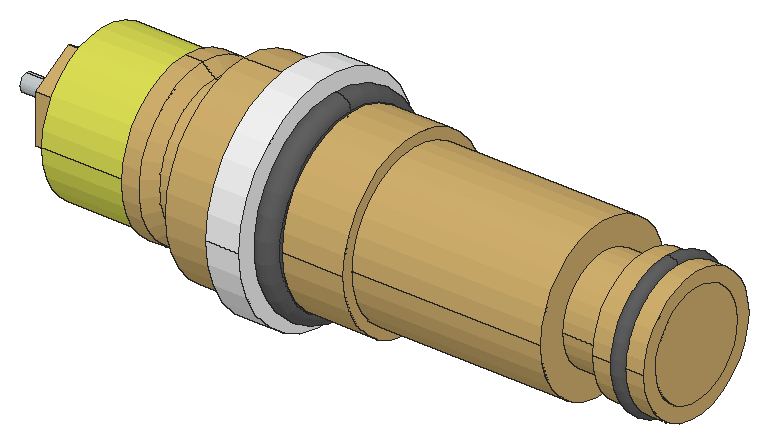
Revit family "RA-N(U) BIV_RFA_2", category Pipe Accessories, Revit 2019
Family settings
  Round Connector Dimension = Use Diameter
  Part Type = Valve - Breaks Into
  OmniClass Number = 23.65.55.14.17
  OmniClass Title = Adjusting/Controlling Valves for Liquid Services
  Work Plane-Based = No
  Always vertical = Yes
  Cut with Voids When Loaded = No
  Shared = No
Parameters (values of type "RA-U_Model D_013G7371")
  Weight = 0.10 kg  # constant formula
  W [instance] = 22 mm
  Rr = 0.89 mm
  Pressure Drop [instance] = 0.0 bar
  Presetting Ring Material = Danfoss Plastic Yellow
  Model Type = "RA-U_Model D"
  Max Operating Pressure = "10 bar"  # constant formula
  Max Medium Temperature = "120 ˚C"  # constant formula
  Max Differential Pressure = "0.6 bar"  # constant formula
  LOD 350 = not(LOD 200)  # yes
  LOD 200 = no
  L3 = 33 mm
  Kvs = 0.55 m³/h
  IfcExportType = "Integrated Valve RA-U"
  IfcExportAs = "IfcValveType"  # constant formula
  Valve Body Material = Danfoss Brass
  URL = "https://store.danfoss.com/en/Climate-Solutions-for-heating/Radiator-Thermostats/Radiator-Valves/Integrated-Valves/c/6158?q=%3Arelevance%3Adanfoss_producttypehierarchydesc%3AIntegrated+valves%3Adanfoss_a1132338547%3AA1132_3385478adcee4408b64d973582ffa1ead3e132&text="
  R3 = 13.2 mm
  R2 = 10.5 mm
  R1 = 9.3 mm
  RB1 = 7.8 mm
  RB2 = 6.1 mm
  Model = "013G7371"
  Manufacturer = "Danfoss"  # constant formula
  L_2 = 5 mm
  L_1 = 3.1 mm
  L2 = 44.2 mm
  L1 = 36 mm  # constant formula
  L = L1 + L2  # 80.2 mm
  HH = 22 mm
  H1 = 7.5 mm
  H [instance] = 16.7 mm
  Flow [instance] = 0.0 m³/h
  Description = "Integrated Valve"  # constant formula
  D_RB1 = RB1 * 2  # 15.6 mm
  D = 10 mm
  Connection = "G ½ A"  # constant formula
  108pcs per pack = "013G0373"
Types (4, lengths in mm): name | Rr | Presetting Ring Material | Model Type | Kvs | IfcExportType | RB1 | RB2 | Model | L_2 | L_1 | L2 | L | H1 | D_RB1 | 108pcs per pack
  RA-N_Model D_013G7370 | 0.89 | Danfoss Plastic Red | "RA-N_Model D" | 1.05 m³/h | "Integrated Valve RA-N" | 7.8 | 6.1 | "013G7370" | 5 | 3.1 | 44.2 | 80.2 | 7.5 | 15.6 | "013G0372"
  RA-U_Model D_013G7371 | 0.89 | Danfoss Plastic Yellow | "RA-U_Model D" | 0.55 m³/h | "Integrated Valve RA-U" | 7.8 | 6.1 | "013G7371" | 5 | 3.1 | 44.2 | 80.2 | 7.5 | 15.6 | "013G0373"
  RA-N_Model H_013G7390 | 1.3 | Danfoss Plastic Red | "RA-N_Model H" | 1.05 m³/h | "Integrated Valve RA-N" | 5 | 5 | "013G7390" | 0 | 1.3 | 38 | 74 | 5.5 | 10 | "013G0390"
  RA-U_Model H_013G7391 | 1.3 | Danfoss Plastic Yellow | "RA-U_Model H" | 0.55 m³/h | "Integrated Valve RA-U" | 5 | 5 | "013G7391" | 0 | 1.3 | 38 | 74 | 5.5 | 10 | "013G0391"
Reference planes
  plane 1 "Center (Front/Back)": y = 0
  plane 2 "XYPLANE": z = 0
  plane 3 "Center (Left/Right)": x = 0
  plane 4 "92": x = 38
  plane 5 "89": y = 0
  plane 6 "88": z = 0
  plane 7 "85": x = -31
  plane 8 "84": x = -36
  plane 9: x = -27
  plane 10: x = -17
  plane 11: x = 44.2
  plane 12: x = 0
  plane 13: x = -4
  plane 14: x = 33
  plane 15: z = -9.295
  plane 16: x = 3
  plane 17: x = 10.3
  plane 18: x = 1.4
  plane 19: x = 41.1
Forms (mm)
  Extrusion 1, solid, material "Danfoss Plastic Yellow" <- "Presetting Ring Material", detail levels fine
    sketch origin (-24, -750, 0) x (0, 1, 0) y (0, 0, 1)
      loop
        circle (750, 0) r 9
    from 7 to -3
  Extrusion 2, solid, material "Danfoss Brass (Nickel plated)", detail levels fine
    sketch origin (-19.5, -750, 0) x (0, 1, 0) y (0, 0, 1)
      loop
        circle (750, 0) r 13.2
    from 19.5 to 15.5
  Extrusion 3, solid, material "Danfoss Brass" <- "Valve Body Material", visible <- "LOD 350", detail levels fine
    sketch origin (38, -750, 0) x (0, 1, 0) y (0, 0, 1)
      loop
        circle (750, 0) r 10.5
    from -27.7 to -35
  Extrusion 4, solid, material "Danfoss Brass" <- "Valve Body Material", visible <- "LOD 350", detail levels fine
    sketch origin (0, 0, 0) x (0, 1, 0) y (0, 0, 1)
      loop
        circle (0, 0) r 6.1
    from 33 to 44.2
  Revolve 5, solid, material "Danfoss Steel (Chrome Plated)", detail levels fine
    sketch origin (0, 0, 0) x (1, 0, 0) y (0, 0, 1)
      loop
        line (-31, 1) -> (-36, 1) -> (-36, 0) -> (-31, 0) -> (-31, 1)
      axis (-36, 0) -> (-31, 0)
    angle from 0 to 360
  Revolve 6, solid, material "Danfoss Brass" <- "Valve Body Material", visible <- "LOD 350", detail levels fine
    sketch origin (0, 0, 0) x (1, 0, 0) y (0, 0, 1)
      loop
        line (-4, 11.75) -> (-10, 11.75) -> (-10, 8.25) -> (-13.55, 8.25) -> (-14.9, 9.6) -> (-17, 9.6) -> (-17, 0) -> (-4, 0) -> (-4, 11.75)
      axis (-17, 0) -> (-4, 0)
    angle from 0 to 360
  Extrusion 7, solid, material "Danfoss Brass" <- "Valve Body Material", visible <- "LOD 350", detail levels fine
    sketch origin (0, 0, 0) x (0, 1, 0) y (0, 0, 1)
      loop
        line (-5, 2.887) -> (-5, -2.887) -> (0, -5.774) -> (5, -2.887) -> (5, 2.887) -> (0, 5.774) -> (-5, 2.887)
    from -27 to -31
  Extrusion 8, solid, material "Danfoss Brass" <- "Valve Body Material", visible <- "LOD 350", detail levels fine
    sketch origin (0, 0, 0) x (0, 1, 0) y (0, 0, 1)
      loop
        circle (0, 0) r 9.3
    from 0 to 33
  Extrusion 9, solid, material "Danfoss Brass", visible <- "LOD 200", detail levels fine
    sketch origin (0, 0, 0) x (0, 1, 0) y (0, 0, 1)
      loop
        circle (0, 0) r 5.774
    from -31 to -27
  Extrusion 10, solid, material "Danfoss Brass" <- "Valve Body Material", visible <- "LOD 350", detail levels fine
    sketch origin (0, 0, 0) x (0, 1, 0) y (0, 0, 1)
      loop
        circle (0, 0) r 7.8
    from 38 to 44.2
  Revolve 11, solid, material "Danfoss NBR Black", visible <- "LOD 350"
    sketch origin (0, 0, 0) x (1, 0, 0) y (0, 0, 1)
      loop
        circle (1.4, 10.55) r 1.35
      axis (0.05, 0) -> (2.75, 0)
    angle from 0 to 360
  Revolve 12, solid, material "Danfoss NBR Black", visible <- "LOD 350"
    sketch origin (0, 0, 0) x (1, 0, 0) y (0, 0, 1)
      loop
        circle (41.1, 7.5) r 0.89
      axis (40.21, 0) -> (41.99, 0)
    angle from 0 to 360
  Extrusion 13, solid, material "Danfoss Brass" <- "Valve Body Material", visible <- "LOD 200"
    sketch origin (-36, -750, 0) x (0, 1, 0) y (0, 0, 1)
      loop
        circle (750, 0) r 11.8
    from 19 to 32
  Extrusion 14, solid, material "Danfoss Brass" <- "Valve Body Material", visible <- "LOD 200"
    sketch origin (-36, -750, 0) x (0, 1, 0) y (0, 0, 1)
      loop
        circle (750, 0) r 10.5
    from 36 to 80.2
Lines and regions (mm)
  reference lines, not visible
    curve 1: circle (2, 2, 0) r 1 normal (0, 0, 1)
  reference lines
    curve 2: line (44.2, 0, 0) -> (44.2, 5.25, 0)
Dimensions and locks
  plane 1 "Center (Front/Back)" to curve 1 = 2 mm
  locked: plane 1 "Center (Front/Back)" to plane 5 "89"
  locked: plane 2 "XYPLANE" to plane 6 "88"
  Revolve 5 sketch curve to Revolve 5 sketch curve = 1 mm
  Revolve 6 sketch curve to Revolve 6 sketch curve = 8.25 mm
  Revolve 6 sketch curve to Revolve 6 sketch curve = 11.75 mm
  "L_2": plane 4 "92" to plane 14
  Extrusion 7 sketch curve to Extrusion 7 sketch curve = 10 mm  (x3)
  equal spacing: Extrusion 7 sketch curve, plane 1 "Center (Front/Back)", Extrusion 7 sketch curve  (x3)
  locked: plane 13 to plane 10 at 13
  Revolve 6 sketch curve to Revolve 6 sketch curve to Revolve 6 sketch curve = 7 mm, 6 mm
  plane 9 to plane 7 "85" = 4 mm
  locked: plane 7 "85" to plane 8 "84" at 5
  locked: plane 3 "Center (Left/Right)" to plane 13 at 4
  "L2": plane 11 to plane 3 "Center (Left/Right)"
  "L3": plane 14 to plane 3 "Center (Left/Right)"
  locked: plane 16 to plane 3 "Center (Left/Right)" at 3
  locked: plane 17 to plane 16 at 7.3
  Revolve 6 sketch curve to Revolve 6 sketch curve = 3.55 mm
  Revolve 6 sketch curve to level = 9.6 mm
  Revolve 6 sketch curve to level = 8.25 mm
  Revolve 11 sketch curve to level = 10.55 mm
  locked: plane 18 to plane 12 at 1.4
  "L_1": plane 19 to plane 4 "92"
  "H1": Revolve 12 sketch curve to level
  plane 11 to plane 4 "92" = 6.2 mm
  "L": plane 11 to plane 8 "84"
  "R3": radius of Extrusion 2 sketch curve
  "R2": radius of Extrusion 3 sketch curve
  radius of Extrusion 1 sketch curve = 9 mm
  "RB2": radius of Extrusion 4 sketch curve
  "R1": radius of Extrusion 8 sketch curve
  radius of Extrusion 9 sketch curve = 5.774 mm
  "RB1": radius of Extrusion 10 sketch curve
  radius of Revolve 11 sketch curve = 1.35 mm
  "Rr": radius of Revolve 12 sketch curve
  radius of Extrusion 13 sketch curve = 11.8 mm
  "R2": radius of Extrusion 14 sketch curve
  angle Revolve 6 sketch curve to Revolve 6 sketch curve = 45.00°
  aligned and locked: level to plane 2 "XYPLANE"
  aligned and locked: Extrusion 2 sketch curve to plane 5 "89"
  aligned and locked: plane 6 "88" to Extrusion 2 sketch curve
  aligned and locked: Extrusion 3 sketch curve to plane 5 "89"
  aligned and locked: plane 6 "88" to Extrusion 3 sketch curve
  aligned and locked: plane 10 to Extrusion 1
  aligned and locked: Extrusion 1 to plane 9
  aligned and locked: plane 1 "Center (Front/Back)" to Extrusion 1 sketch curve
  aligned and locked: level to Extrusion 1 sketch curve
  aligned and locked: level to Extrusion 4 sketch curve
  aligned and locked: plane 1 "Center (Front/Back)" to Extrusion 4 sketch curve
  aligned and locked: Extrusion 4 to plane 11
  aligned and locked: Extrusion 2 to plane 13
  aligned and locked: Extrusion 2 to plane 12
  aligned and locked: Revolve 5 sketch curve to plane 7 "85"
  aligned and locked: Revolve 5 sketch curve to plane 8 "84"
  aligned and locked: Revolve 5 sketch curve to level
  aligned and locked: Revolve 5 sketch curve to plane 2 "XYPLANE"
  aligned and locked: Revolve 6 sketch curve to level
  aligned and locked: Revolve 6 sketch curve to plane 10
  aligned and locked: Revolve 6 sketch curve to plane 2 "XYPLANE"
  aligned and locked: plane 9 to Extrusion 7
  aligned and locked: Extrusion 7 to plane 7 "85"
  aligned and locked: level to Extrusion 8 sketch curve
  aligned and locked: plane 1 "Center (Front/Back)" to Extrusion 8 sketch curve
  aligned and locked: Extrusion 8 to plane 12
  aligned and locked: plane 1 "Center (Front/Back)" to Extrusion 9 sketch curve
  aligned and locked: level to Extrusion 9 sketch curve
  aligned and locked: Extrusion 9 to plane 7 "85"
  aligned and locked: plane 9 to Extrusion 9
  aligned and locked: plane 1 "Center (Front/Back)" to Extrusion 10 sketch curve
  aligned and locked: level to Extrusion 10 sketch curve
  aligned and locked: Extrusion 10 to plane 4 "92"
  aligned and locked: plane 3 "Center (Left/Right)" to plane 12
  aligned and locked: Extrusion 8 to plane 14
  aligned and locked: Extrusion 3 to plane 16
  aligned and locked: Extrusion 3 to plane 17
  aligned and locked: Extrusion 4 to plane 14
  aligned and locked: Extrusion 10 to plane 11
  aligned and locked: Revolve 11 sketch curve to plane 12
  aligned and locked: Revolve 11 sketch curve to plane 16
  aligned and locked: Revolve 11 sketch curve to Extrusion 2
  aligned and locked: Revolve 12 sketch curve to plane 4 "92"
  aligned and locked: Revolve 12 sketch curve to plane 2 "XYPLANE"
  aligned and locked: Extrusion 13 to Extrusion 1
  aligned and locked: Extrusion 13 to Extrusion 2
  aligned and locked: Extrusion 14 to plane 3 "Center (Left/Right)"
  aligned and locked: Extrusion 14 to curve 2
Automatic sketch dimensions
  plane 3 "Center (Left/Right)" to curve 1 = 2 mm
  Revolve 5 sketch curve to plane 8 "84" = 0.687 mm
  plane 7 "85" to Revolve 5 sketch curve = 1.281 mm
  Extrusion 7 sketch curve to plane 1 "Center (Front/Back)" = 0 mm
  level to Extrusion 7 sketch curve = 2.887 mm
  Revolve 6 sketch curve to Revolve 6 sketch curve = 1.589 mm
  plane 16 to Revolve 6 sketch curve = 0.694 mm
  Revolve 11 sketch curve to plane 18 = 0 mm
  curve 2 to plane 1 "Center (Front/Back)" = 5.25 mm
  curve 2 to level = 0 mm
  curve 2 to plane 1 "Center (Front/Back)" = 0 mm
  Extrusion 13 sketch curve to level = 0 mm
  Extrusion 13 sketch curve to plane 1 "Center (Front/Back)" = 0 mm
  Revolve 12 sketch curve to plane 19 = 0 mm
  Revolve 12 sketch curve to plane 11 = 0 mm
  Extrusion 14 sketch curve to level = 0 mm
  Extrusion 14 sketch curve to plane 1 "Center (Front/Back)" = 0 mm
  radius of curve 1 = 1 mm
